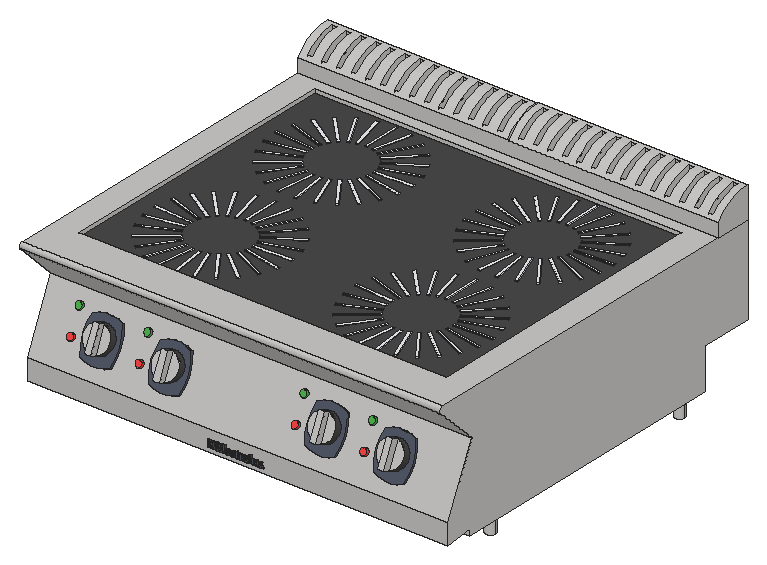
Revit family "QF_ELECTROLUXPROFESSIONAL_371021_E7INEH4000", category Specialty Equipment, Revit 2018 (continued)
Automatic sketch dimensions
  Extrusion 41 sketch curve to Extrusion 41 sketch curve = 0.444 mm
  Extrusion 41 sketch curve to Extrusion 41 sketch curve = 1.11 mm  (x3)
  Extrusion 41 sketch curve to Extrusion 41 sketch curve = 0.215 mm
  Extrusion 41 sketch curve to Extrusion 41 sketch curve = 1.43 mm
  Extrusion 41 sketch curve to Extrusion 41 sketch curve = 1.188 mm
  Extrusion 41 sketch curve to Extrusion 41 sketch curve = 1.21 mm  (x2)
  Extrusion 41 sketch curve to Extrusion 41 sketch curve = 0.503 mm
  Extrusion 41 sketch curve to Extrusion 41 sketch curve = 0.488 mm
  Extrusion 41 sketch curve to Extrusion 41 sketch curve = 0.462 mm
  Extrusion 41 sketch curve to Extrusion 41 sketch curve = 1.386 mm
  Extrusion 41 sketch curve to Extrusion 41 sketch curve = 1.742 mm  (x2)
  Extrusion 41 sketch curve to Extrusion 41 sketch curve = 0.821 mm
  Extrusion 41 sketch curve to Extrusion 41 sketch curve = 0.497 mm
  Extrusion 41 sketch curve to Extrusion 41 sketch curve = 0.539 mm
  Extrusion 41 sketch curve to Extrusion 41 sketch curve = 0.686 mm
  Extrusion 41 sketch curve to Extrusion 41 sketch curve = 0.408 mm
  Extrusion 41 sketch curve to Extrusion 41 sketch curve = 0.743 mm
  Extrusion 41 sketch curve to Extrusion 41 sketch curve = 1.16 mm
  Extrusion 41 sketch curve to Extrusion 41 sketch curve = 0.329 mm
  Extrusion 41 sketch curve to Extrusion 41 sketch curve = 1.054 mm
  Extrusion 41 sketch curve to Extrusion 41 sketch curve = 1.056 mm
  Extrusion 41 sketch curve to Extrusion 41 sketch curve = 0.129 mm
  Extrusion 41 sketch curve to Extrusion 41 sketch curve = 0.489 mm
  Extrusion 41 sketch curve to Extrusion 41 sketch curve = 0.441 mm
  Extrusion 41 sketch curve to Extrusion 41 sketch curve = 1.151 mm
  Extrusion 41 sketch curve to Extrusion 41 sketch curve = 1.141 mm  (x2)
  Extrusion 41 sketch curve to Extrusion 41 sketch curve = 0.768 mm
  Extrusion 41 sketch curve to Extrusion 41 sketch curve = 1.653 mm
  Extrusion 41 sketch curve to Extrusion 41 sketch curve = 0.499 mm
  Extrusion 41 sketch curve to Extrusion 41 sketch curve = 0.964 mm
  Extrusion 41 sketch curve to Extrusion 41 sketch curve = 0.949 mm
  Extrusion 41 sketch curve to Extrusion 41 sketch curve = 1.345 mm  (x2)
  Extrusion 41 sketch curve to Extrusion 41 sketch curve = 1.101 mm
  Extrusion 41 sketch curve to Extrusion 41 sketch curve = 0.432 mm
  Extrusion 41 sketch curve to Extrusion 41 sketch curve = 1.142 mm
  Extrusion 41 sketch curve to Extrusion 41 sketch curve = 0.959 mm
  Extrusion 41 sketch curve to Extrusion 41 sketch curve = 0.176 mm
  Extrusion 41 sketch curve to Extrusion 41 sketch curve = 0.728 mm
  Extrusion 41 sketch curve to Extrusion 41 sketch curve = 3.375 mm  (x2)
  Extrusion 41 sketch curve to Extrusion 41 sketch curve = 0.541 mm
  Extrusion 41 sketch curve to Extrusion 41 sketch curve = 0.955 mm
  Extrusion 41 sketch curve to Extrusion 41 sketch curve = 1.251 mm
  Extrusion 41 sketch curve to Extrusion 41 sketch curve = 0.572 mm
  Extrusion 41 sketch curve to Extrusion 41 sketch curve = 1.92 mm
  Extrusion 41 sketch curve to Extrusion 41 sketch curve = 1.224 mm
  Extrusion 41 sketch curve to Extrusion 41 sketch curve = 0.745 mm
  Extrusion 41 sketch curve to Extrusion 41 sketch curve = 2.537 mm
  Extrusion 41 sketch curve to Extrusion 41 sketch curve = 0.896 mm  (x3)
  Extrusion 41 sketch curve to Extrusion 41 sketch curve = 0.036 mm
  Extrusion 41 sketch curve to Extrusion 41 sketch curve = 2.607 mm
  Extrusion 41 sketch curve to Extrusion 41 sketch curve = 0.066 mm
  Extrusion 41 sketch curve to Extrusion 41 sketch curve = 0.248 mm
  Extrusion 41 sketch curve to Extrusion 41 sketch curve = 0.449 mm
  Extrusion 41 sketch curve to Extrusion 41 sketch curve = 1.052 mm
  Extrusion 41 sketch curve to Extrusion 41 sketch curve = 1.863 mm
  Extrusion 41 sketch curve to Extrusion 41 sketch curve = 1.31 mm  (x2)
  Extrusion 41 sketch curve to Extrusion 41 sketch curve = 0.901 mm
  Extrusion 41 sketch curve to Extrusion 41 sketch curve = 1.107 mm
  Extrusion 41 sketch curve to Extrusion 41 sketch curve = 2.122 mm
  Extrusion 41 sketch curve to Extrusion 41 sketch curve = 2.101 mm
  Extrusion 41 sketch curve to Extrusion 41 sketch curve = 0.106 mm
  Extrusion 41 sketch curve to Extrusion 41 sketch curve = 0.029 mm
  Extrusion 41 sketch curve to Extrusion 41 sketch curve = 2.09 mm
  Extrusion 41 sketch curve to Extrusion 41 sketch curve = 1.279 mm
  Extrusion 41 sketch curve to Extrusion 41 sketch curve = 2.008 mm
  Extrusion 41 sketch curve to Extrusion 41 sketch curve = 0.738 mm
  Extrusion 41 sketch curve to Extrusion 41 sketch curve = 0.382 mm
  Extrusion 41 sketch curve to Extrusion 41 sketch curve = 0.384 mm
  Extrusion 41 sketch curve to Extrusion 41 sketch curve = 0.002 mm
  Extrusion 41 sketch curve to Extrusion 41 sketch curve = 0.561 mm
  Extrusion 41 sketch curve to Extrusion 41 sketch curve = 0.592 mm
  Extrusion 41 sketch curve to Extrusion 41 sketch curve = 2.692 mm
  Extrusion 41 sketch curve to Extrusion 41 sketch curve = 1.259 mm
  Extrusion 41 sketch curve to Extrusion 41 sketch curve = 0.802 mm
  Extrusion 41 sketch curve to Extrusion 41 sketch curve = 1.024 mm  (x2)
  Extrusion 41 sketch curve to Extrusion 41 sketch curve = 0.682 mm
  Extrusion 41 sketch curve to Extrusion 41 sketch curve = 5.934 mm
  Extrusion 41 sketch curve to Extrusion 41 sketch curve = 2.186 mm
  Extrusion 41 sketch curve to Extrusion 41 sketch curve = 0.337 mm
  Extrusion 41 sketch curve to Extrusion 41 sketch curve = 0.021 mm
  Extrusion 41 sketch curve to Extrusion 41 sketch curve = 1.005 mm
  Extrusion 41 sketch curve to Extrusion 41 sketch curve = 0.552 mm
  Extrusion 41 sketch curve to Extrusion 41 sketch curve = 0.778 mm
  Extrusion 41 sketch curve to Extrusion 41 sketch curve = 0.063 mm
  Extrusion 41 sketch curve to Extrusion 41 sketch curve = 1.023 mm
  Extrusion 41 sketch curve to Extrusion 41 sketch curve = 3.804 mm
  Extrusion 41 sketch curve to Extrusion 41 sketch curve = 0.486 mm
  Extrusion 41 sketch curve to Extrusion 41 sketch curve = 0.266 mm  (x2)
  Extrusion 41 sketch curve to Extrusion 41 sketch curve = 1.547 mm
  Extrusion 41 sketch curve to Extrusion 41 sketch curve = 0.717 mm  (x2)
  Extrusion 41 sketch curve to Extrusion 41 sketch curve = 1.667 mm
  Extrusion 41 sketch curve to Extrusion 41 sketch curve = 3.174 mm
  Extrusion 41 sketch curve to Extrusion 41 sketch curve = 0.388 mm
  Extrusion 41 sketch curve to Extrusion 41 sketch curve = 1.342 mm
  Extrusion 41 sketch curve to Extrusion 41 sketch curve = 1.521 mm
  Extrusion 41 sketch curve to Extrusion 41 sketch curve = 0.124 mm
  Extrusion 41 sketch curve to Extrusion 41 sketch curve = 0.291 mm
  plane 7 "Center Y" to Extrusion 41 sketch curve = 3.923 mm
  Extrusion 41 sketch curve to Extrusion 41 sketch curve = 1.049 mm  (x2)
  Extrusion 41 sketch curve to Extrusion 41 sketch curve = 1.7 mm
  Extrusion 41 sketch curve to Extrusion 41 sketch curve = 0.894 mm
  Extrusion 41 sketch curve to Extrusion 41 sketch curve = 0.989 mm
  Extrusion 41 sketch curve to Extrusion 41 sketch curve = 1.168 mm
  Extrusion 41 sketch curve to Extrusion 41 sketch curve = 1.594 mm
  Extrusion 41 sketch curve to Extrusion 41 sketch curve = 0.731 mm
  Extrusion 41 sketch curve to Extrusion 41 sketch curve = 1.566 mm
  Extrusion 41 sketch curve to Extrusion 41 sketch curve = 0.064 mm
  plane 7 "Center Y" to Extrusion 41 sketch curve = 4.479 mm
  Extrusion 41 sketch curve to Extrusion 41 sketch curve = 0.556 mm  (x2)
  Extrusion 41 sketch curve to Extrusion 41 sketch curve = 0.48 mm
  Extrusion 41 sketch curve to Extrusion 41 sketch curve = 1.018 mm
  Extrusion 41 sketch curve to Extrusion 41 sketch curve = 0.787 mm
  Extrusion 41 sketch curve to Extrusion 41 sketch curve = 0.618 mm
  Extrusion 41 sketch curve to Extrusion 41 sketch curve = 1.672 mm
  Extrusion 41 sketch curve to Extrusion 41 sketch curve = 1.361 mm
  Extrusion 41 sketch curve to Extrusion 41 sketch curve = 0.822 mm
  Extrusion 41 sketch curve to Extrusion 41 sketch curve = 0.069 mm
  Extrusion 41 sketch curve to Extrusion 41 sketch curve = 1.88 mm
  Extrusion 41 sketch curve to Extrusion 41 sketch curve = 0.42 mm
  Extrusion 41 sketch curve to Extrusion 41 sketch curve = 0.062 mm
  Extrusion 41 sketch curve to Extrusion 41 sketch curve = 1.355 mm
  Extrusion 41 sketch curve to Extrusion 41 sketch curve = 2.34 mm
  Extrusion 41 sketch curve to Extrusion 41 sketch curve = 0.493 mm
  Extrusion 41 sketch curve to Extrusion 41 sketch curve = 0.136 mm
  Extrusion 41 sketch curve to Extrusion 41 sketch curve = 0.128 mm
  Extrusion 41 sketch curve to Extrusion 41 sketch curve = 3.616 mm
  Extrusion 41 sketch curve to Extrusion 41 sketch curve = 4.207 mm
  Extrusion 41 sketch curve to Extrusion 41 sketch curve = 0.183 mm
  Extrusion 41 sketch curve to Extrusion 41 sketch curve = 0.895 mm
  Extrusion 41 sketch curve to Extrusion 41 sketch curve = 1.314 mm
  Extrusion 41 sketch curve to Extrusion 41 sketch curve = 3.231 mm
  Extrusion 41 sketch curve to Extrusion 41 sketch curve = 1.299 mm
  Extrusion 41 sketch curve to Extrusion 41 sketch curve = 1.214 mm
  Extrusion 41 sketch curve to Extrusion 41 sketch curve = 1.264 mm
  Extrusion 41 sketch curve to Extrusion 41 sketch curve = 0.109 mm
  Extrusion 41 sketch curve to Extrusion 41 sketch curve = 0.357 mm
  Extrusion 41 sketch curve to Extrusion 41 sketch curve = 0.565 mm
  Extrusion 41 sketch curve to Extrusion 41 sketch curve = 2.504 mm
  Extrusion 41 sketch curve to Extrusion 41 sketch curve = 2.459 mm
  Extrusion 41 sketch curve to Extrusion 41 sketch curve = 1.322 mm
  Extrusion 41 sketch curve to Extrusion 41 sketch curve = 2.77 mm
  Extrusion 41 sketch curve to Extrusion 41 sketch curve = 2.51 mm
  Extrusion 41 sketch curve to Extrusion 41 sketch curve = 0.187 mm
  Extrusion 41 sketch curve to Extrusion 41 sketch curve = 2.559 mm
  Extrusion 41 sketch curve to Extrusion 41 sketch curve = 1.556 mm
  Extrusion 41 sketch curve to Extrusion 41 sketch curve = 0.222 mm
  Extrusion 41 sketch curve to Extrusion 41 sketch curve = 1.383 mm
  Extrusion 41 sketch curve to Extrusion 41 sketch curve = 3.114 mm
  Extrusion 41 sketch curve to Extrusion 41 sketch curve = 3.376 mm
  Extrusion 41 sketch curve to Extrusion 41 sketch curve = 0.934 mm
  Extrusion 41 sketch curve to Extrusion 41 sketch curve = 0.191 mm
  Extrusion 41 sketch curve to Extrusion 41 sketch curve = 3.696 mm
  Extrusion 41 sketch curve to Extrusion 41 sketch curve = 2.708 mm
  Extrusion 41 sketch curve to Extrusion 41 sketch curve = 3.333 mm
  Extrusion 41 sketch curve to Extrusion 41 sketch curve = 0.332 mm
  Extrusion 41 sketch curve to Extrusion 41 sketch curve = 1.087 mm
  Extrusion 41 sketch curve to Extrusion 41 sketch curve = 2.23 mm
  Extrusion 41 sketch curve to Extrusion 41 sketch curve = 2.757 mm
  Extrusion 41 sketch curve to Extrusion 41 sketch curve = 0.987 mm
  Extrusion 41 sketch curve to Extrusion 41 sketch curve = 1.529 mm
  Extrusion 41 sketch curve to Extrusion 41 sketch curve = 1.796 mm
  Extrusion 41 sketch curve to Extrusion 41 sketch curve = 2.859 mm
  Extrusion 41 sketch curve to Extrusion 41 sketch curve = 0.853 mm
  Extrusion 41 sketch curve to Extrusion 41 sketch curve = 1.241 mm
  Extrusion 41 sketch curve to Extrusion 41 sketch curve = 2.046 mm  (x2)
  Extrusion 41 sketch curve to Extrusion 41 sketch curve = 2.422 mm
  Extrusion 41 sketch curve to Extrusion 41 sketch curve = 0.27 mm  (x2)
  Extrusion 41 sketch curve to Extrusion 41 sketch curve = 0.69 mm
  Extrusion 41 sketch curve to Extrusion 41 sketch curve = 0.781 mm  (x2)
  Extrusion 41 sketch curve to Extrusion 41 sketch curve = 3.136 mm
  Extrusion 41 sketch curve to Extrusion 41 sketch curve = 1.767 mm
  Extrusion 41 sketch curve to Extrusion 41 sketch curve = 0.138 mm
  Extrusion 41 sketch curve to Extrusion 41 sketch curve = 0.777 mm
  Extrusion 41 sketch curve to Extrusion 41 sketch curve = 1.19 mm
  Extrusion 41 sketch curve to Extrusion 41 sketch curve = 0.782 mm
  Extrusion 41 sketch curve to Extrusion 41 sketch curve = 1.268 mm
  Extrusion 41 sketch curve to Extrusion 41 sketch curve = 0.422 mm  (x2)
  Extrusion 41 sketch curve to Extrusion 41 sketch curve = 1.559 mm
  Extrusion 41 sketch curve to Extrusion 41 sketch curve = 3.927 mm
  Extrusion 41 sketch curve to Extrusion 41 sketch curve = 0.983 mm
  Extrusion 41 sketch curve to Extrusion 41 sketch curve = 1.134 mm
  Extrusion 41 sketch curve to Extrusion 41 sketch curve = 0.094 mm
  plane 7 "Center Y" to Extrusion 41 sketch curve = 1.023 mm
  Extrusion 41 sketch curve to Extrusion 41 sketch curve = 1.501 mm
  Extrusion 41 sketch curve to Extrusion 41 sketch curve = 1.808 mm
  Extrusion 41 sketch curve to Extrusion 41 sketch curve = 0.643 mm
  Extrusion 41 sketch curve to Extrusion 41 sketch curve = 0.916 mm
  Extrusion 41 sketch curve to Extrusion 41 sketch curve = 0.352 mm
  Extrusion 41 sketch curve to Extrusion 41 sketch curve = 0.458 mm
  Extrusion 41 sketch curve to Extrusion 41 sketch curve = 1.282 mm
  Extrusion 41 sketch curve to Extrusion 41 sketch curve = 1.363 mm
  Extrusion 41 sketch curve to Extrusion 41 sketch curve = 0.685 mm
  Extrusion 41 sketch curve to Extrusion 41 sketch curve = 0.905 mm
  Extrusion 41 sketch curve to Extrusion 41 sketch curve = 2.865 mm
  Extrusion 41 sketch curve to Extrusion 41 sketch curve = 0.472 mm
  Extrusion 41 sketch curve to Extrusion 41 sketch curve = 0.101 mm
  Extrusion 41 sketch curve to Extrusion 41 sketch curve = 0.54 mm
  Extrusion 41 sketch curve to Extrusion 41 sketch curve = 0.02 mm
  Extrusion 41 sketch curve to Extrusion 41 sketch curve = 0.468 mm
  Extrusion 41 sketch curve to Extrusion 41 sketch curve = 0.829 mm
  Extrusion 41 sketch curve to Extrusion 41 sketch curve = 0.582 mm
  Extrusion 41 sketch curve to Extrusion 41 sketch curve = 0.166 mm
  Extrusion 41 sketch curve to Extrusion 41 sketch curve = 0.16 mm
  Extrusion 41 sketch curve to Extrusion 41 sketch curve = 2.781 mm
  Extrusion 41 sketch curve to Extrusion 41 sketch curve = 1.118 mm
  Extrusion 41 sketch curve to Extrusion 41 sketch curve = 0.613 mm
  Extrusion 41 sketch curve to Extrusion 41 sketch curve = 0.361 mm
  Extrusion 41 sketch curve to Extrusion 41 sketch curve = 0.897 mm
  Extrusion 41 sketch curve to Extrusion 41 sketch curve = 0.167 mm
  Extrusion 41 sketch curve to Extrusion 41 sketch curve = 0.292 mm
  Extrusion 41 sketch curve to Extrusion 41 sketch curve = 0.305 mm
  Extrusion 41 sketch curve to Extrusion 41 sketch curve = 1.557 mm
  Extrusion 41 sketch curve to Extrusion 41 sketch curve = 2.499 mm
  Extrusion 41 sketch curve to Extrusion 41 sketch curve = 3.062 mm
  Extrusion 41 sketch curve to Extrusion 41 sketch curve = 2.968 mm
  Extrusion 41 sketch curve to Extrusion 41 sketch curve = 5.044 mm
  Extrusion 41 sketch curve to Extrusion 41 sketch curve = 0.629 mm  (x2)
  Extrusion 41 sketch curve to Extrusion 41 sketch curve = 1.131 mm
  Extrusion 41 sketch curve to Extrusion 41 sketch curve = 0.137 mm
  Extrusion 41 sketch curve to Extrusion 41 sketch curve = 0.027 mm
  Extrusion 41 sketch curve to Extrusion 41 sketch curve = 2.235 mm
  Extrusion 42 sketch curve to Extrusion 1 = 31.333 mm  (x2)
  Extrusion 42 sketch curve to Extrusion 42 sketch curve = 12.3 mm  (x3)
  Extrusion 42 sketch curve to Extrusion 42 sketch curve = 34.925 mm  (x2)
  Extrusion 1 to Extrusion 42 sketch curve = 44.467 mm
  Extrusion 1 to Extrusion 42 sketch curve = 305.752 mm
  Extrusion 42 sketch curve to Extrusion 42 sketch curve = 25.727 mm
  Extrusion 42 sketch curve to Extrusion 42 sketch curve = 25.771 mm
  Extrusion 42 sketch curve to Extrusion 42 sketch curve = 28.531 mm
  Extrusion 44 sketch curve to Extrusion 44 sketch curve = 24.732 mm
  Extrusion 44 sketch curve to Extrusion 44 sketch curve = 0 mm
  Extrusion 1 to Extrusion 45 sketch curve = 29.678 mm
  Extrusion 1 to Extrusion 45 sketch curve = 196.283 mm
  Extrusion 46 sketch curve to Extrusion 1 = 54.522 mm
  Extrusion 1 to Extrusion 46 sketch curve = 196.283 mm
  Extrusion 47 sketch curve to Extrusion 1 = 31.333 mm  (x2)
  Extrusion 47 sketch curve to Extrusion 47 sketch curve = 12.3 mm  (x3)
  Extrusion 47 sketch curve to Extrusion 47 sketch curve = 34.925 mm  (x2)
  Extrusion 1 to Extrusion 47 sketch curve = 44.467 mm
  Extrusion 1 to Extrusion 47 sketch curve = 66.558 mm
  Extrusion 47 sketch curve to Extrusion 47 sketch curve = 25.683 mm
  Extrusion 47 sketch curve to Extrusion 47 sketch curve = 25.727 mm
  Extrusion 47 sketch curve to Extrusion 47 sketch curve = 28.575 mm
  Extrusion 49 sketch curve to Extrusion 49 sketch curve = 24.732 mm
  Extrusion 49 sketch curve to Extrusion 49 sketch curve = 0 mm
  Extrusion 50 sketch curve to Extrusion 1 = 31.333 mm  (x2)
  Extrusion 50 sketch curve to Extrusion 50 sketch curve = 12.3 mm  (x3)
  Extrusion 50 sketch curve to Extrusion 50 sketch curve = 34.925 mm  (x2)
  Extrusion 1 to Extrusion 50 sketch curve = 44.467 mm
  Extrusion 1 to Extrusion 50 sketch curve = 197.193 mm
  Extrusion 50 sketch curve to Extrusion 50 sketch curve = 25.683 mm
  Extrusion 50 sketch curve to Extrusion 50 sketch curve = 25.727 mm
  Extrusion 50 sketch curve to Extrusion 50 sketch curve = 28.575 mm
  Extrusion 52 sketch curve to Extrusion 52 sketch curve = 24.732 mm
  Extrusion 52 sketch curve to Extrusion 52 sketch curve = 0 mm
  Extrusion 1 to Extrusion 53 sketch curve = 29.678 mm
  Extrusion 1 to Extrusion 53 sketch curve = 306.618 mm
  Extrusion 54 sketch curve to Extrusion 1 = 54.522 mm
  Extrusion 1 to Extrusion 54 sketch curve = 306.618 mm
  Extrusion 1 to Extrusion 55 sketch curve = 29.678 mm
  Extrusion 1 to Extrusion 55 sketch curve = 175.983 mm
  Extrusion 56 sketch curve to Extrusion 1 = 54.522 mm
  Extrusion 1 to Extrusion 56 sketch curve = 175.983 mm
  plane 7 "Center Y" to curve 133 = 1.729 mm
  curve 9 to plane 7 "Center Y" = 1.454 mm
  curve 9 to curve 7 = 0 mm
  radius of Extrusion 3 sketch curve = 9.525 mm  (x4)
  radius of Extrusion 5 sketch curve = 25.4 mm
  radius of Extrusion 6 sketch curve to Extrusion 5 = 0 mm  (x2)
  radius of Extrusion 7 sketch curve = 6.35 mm
  radius of Extrusion 8 sketch curve = 6.4 mm
  radius of Extrusion 9 sketch curve = 12.7 mm
  radius of Extrusion 43 sketch curve = 25.4 mm
  radius of Extrusion 44 sketch curve to Extrusion 43 = 0 mm  (x2)
  radius of Extrusion 45 sketch curve = 6.35 mm
  radius of Extrusion 46 sketch curve = 6.4 mm
  radius of Extrusion 48 sketch curve = 25.4 mm
  radius of Extrusion 49 sketch curve to Extrusion 48 = 0 mm  (x2)
  radius of Extrusion 51 sketch curve = 25.4 mm
  radius of Extrusion 52 sketch curve to Extrusion 51 = 0 mm  (x2)
  radius of Extrusion 53 sketch curve = 6.35 mm
  radius of Extrusion 54 sketch curve = 6.4 mm
  radius of Extrusion 55 sketch curve = 6.35 mm
  radius of Extrusion 56 sketch curve = 6.4 mm
Nested families
  nested 1: "INDUCTION BURNER" at (79.771, -98.911, 266.887), type "INDUCTION BURNER"
    with Type Mark "", Status "", Specification by User "", Revision Code "", Item Number "", Installed By "", Identify Quantity as Lot yes, Furnished By "", Foodservice Equipment Identifier yes
  nested 2: "INDUCTION BURNER" at (461.843, -98.911, 266.887), type "INDUCTION BURNER"
    with Type Mark "", Status "", Specification by User "", Revision Code "", Item Number "", Installed By "", Identify Quantity as Lot yes, Furnished By "", Foodservice Equipment Identifier yes
  nested 3: "INDUCTION BURNER" at (461.843, -386.411, 266.887), type "INDUCTION BURNER"
    with Type Mark "", Status "", Specification by User "", Revision Code "", Item Number "", Installed By "", Identify Quantity as Lot yes, Furnished By "", Foodservice Equipment Identifier yes
  nested 4: "INDUCTION BURNER" at (79.771, -386.411, 266.887), type "INDUCTION BURNER"
    with Type Mark "", Status "", Specification by User "", Revision Code "", Item Number "", Installed By "", Identify Quantity as Lot yes, Furnished By "", Foodservice Equipment Identifier yes
Connectors
  electrical at (736.5, -88.9, 57.906), driven by "Volts", driven by "Watts"
    settings: on Extrusion 9, index 1, voltage 400 V, apparent load 14000 VA, apparent load phase1 0 VA, apparent load phase2 0 VA, apparent load phase3 0 VA, power factor 1, load classification "Other", number of poles 1, system type 30, power factor state 1, is connector primary yes, connector utility no, sub classification motor no, connector description "Electrical Connection"
Definition of nested family "INDUCTION BURNER"
  Parameters
    Weight in Pounds = 0
    URL Cutsheet = ""
    Type Mark [instance] = ""
    Status [instance] = ""
    Specification by User [instance] = ""
    Specification by Manufacturer = ""
    Serial Number = ""
    Seismic Rating = ""
    SMACNA No = ""
    Revision Code [instance] = ""
    Omniclass Number and Title = ""
    NAFEM Spec ID Number = ""
    Masterspec = ""
    Item Number [instance] = ""
    Installed By [instance] = ""
    Identify Quantity as Lot [instance] = yes
    Furnished By [instance] = ""
    Foodservice Equipment Identifier [instance] = yes
    CSI MasterFormat = ""
    CSI Master Format = ""
    Assembly Code = ""
  Reference planes
    plane 1 "BACK": y = 0
    plane 2: z = 0
    plane 3 "LEFT": x = 0
    plane 4 "RIGHT": x = 263
    plane 5 "FRONT": y = -263
    plane 6 "TOP": z = 0.794
    plane 7 "Center Y": x = 131.5
    plane 8 "Center X": y = -131.5
  Forms (mm)
    Extrusion 1, solid
      sketch origin (0, 0, 0) x (1, 0, 0) y (0, 1, 0)
        loop
          line (134, -73.314) -> (134, 0) -> (129, 0) -> (129, -73.314) -> (134, -73.314)
        loop
          line (119.451, -74.521) -> (101.219, -3.51) -> (96.376, -4.753) -> (114.608, -75.764) -> (119.451, -74.521)
        loop
          line (105.66, -79.307) -> (70.34, -15.061) -> (65.959, -17.47) -> (101.278, -81.716) -> (105.66, -79.307)
        loop
          line (93.492, -87.373) -> (43.304, -33.929) -> (39.66, -37.352) -> (89.847, -90.796) -> (93.492, -87.373)
        loop
          line (83.712, -98.212) -> (21.81, -58.928) -> (19.131, -63.15) -> (81.033, -102.433) -> (83.712, -98.212)
        loop
          line (5.664, -93.242) -> (75.39, -115.897) -> (76.935, -111.142) -> (7.209, -88.487) -> (5.664, -93.242)
        loop
          line (73.586, -125.351) -> (0.416, -120.748) -> (0.103, -125.738) -> (73.272, -130.342) -> (73.586, -125.351)
        loop
          line (73.876, -139.947) -> (1.861, -153.685) -> (2.798, -158.596) -> (74.813, -144.859) -> (73.876, -139.947)
        loop
          line (77.788, -154.012) -> (11.451, -185.228) -> (13.58, -189.752) -> (79.916, -158.536) -> (77.788, -154.012)
        loop
          line (85.074, -166.663) -> (28.584, -213.395) -> (31.771, -217.248) -> (88.261, -170.515) -> (85.074, -166.663)
        loop
          line (95.277, -177.104) -> (52.184, -236.416) -> (56.229, -239.355) -> (99.322, -180.043) -> (95.277, -177.104)
        loop
          line (107.756, -184.679) -> (80.767, -252.845) -> (85.416, -254.686) -> (112.405, -186.52) -> (107.756, -184.679)
        loop
          line (121.727, -188.914) -> (112.538, -261.65) -> (117.499, -262.276) -> (126.688, -189.54) -> (121.727, -188.914)
        loop
          line (143.549, -74.521) -> (148.392, -75.764) -> (166.624, -4.753) -> (161.781, -3.51) -> (143.549, -74.521)
        loop
          line (157.34, -79.307) -> (161.722, -81.716) -> (197.041, -17.47) -> (192.66, -15.061) -> (157.34, -79.307)
        loop
          line (169.508, -87.373) -> (173.153, -90.796) -> (223.34, -37.352) -> (219.696, -33.929) -> (169.508, -87.373)
        loop
          line (179.288, -98.212) -> (181.967, -102.433) -> (243.869, -63.15) -> (241.19, -58.928) -> (179.288, -98.212)
        loop
          line (257.336, -93.242) -> (255.791, -88.487) -> (186.065, -111.142) -> (187.61, -115.897) -> (257.336, -93.242)
        loop
          line (189.414, -125.351) -> (189.728, -130.342) -> (262.897, -125.738) -> (262.584, -120.748) -> (189.414, -125.351)
        loop
          line (189.124, -139.947) -> (188.187, -144.859) -> (260.202, -158.596) -> (261.139, -153.685) -> (189.124, -139.947)
        loop
          line (185.212, -154.012) -> (183.084, -158.536) -> (249.42, -189.752) -> (251.549, -185.228) -> (185.212, -154.012)
        loop
          line (177.926, -166.663) -> (174.739, -170.515) -> (231.229, -217.248) -> (234.416, -213.395) -> (177.926, -166.663)
        loop
          line (167.723, -177.104) -> (163.678, -180.043) -> (206.771, -239.355) -> (210.816, -236.416) -> (167.723, -177.104)
        loop
          line (155.244, -184.679) -> (150.595, -186.52) -> (177.584, -254.686) -> (182.233, -252.845) -> (155.244, -184.679)
        loop
          line (141.273, -188.914) -> (136.312, -189.54) -> (145.501, -262.276) -> (150.462, -261.65) -> (141.273, -188.914)
      from 0 to 0.8
  Lines and regions (mm)
    symbolic lines
      curve 1: line (134, -73.314, 0) -> (134, 0, 0)
      curve 2: line (134, 0, 0) -> (129, 0, 0)
      curve 3: line (129, 0, 0) -> (129, -73.314, 0)
      curve 4: line (129, -73.314, 0) -> (134, -73.314, 0)
      curve 5: line (148.392, -75.764, 0) -> (166.624, -4.753, 0)
      curve 6: line (166.624, -4.753, 0) -> (161.781, -3.51, 0)
      curve 7: line (161.781, -3.51, 0) -> (143.549, -74.521, 0)
      curve 8: line (143.549, -74.521, 0) -> (148.392, -75.764, 0)
      curve 9: line (119.451, -74.521, 0) -> (101.219, -3.51, 0)
      curve 10: line (101.219, -3.51, 0) -> (96.376, -4.753, 0)
      curve 11: line (96.376, -4.753, 0) -> (114.608, -75.764, 0)
      curve 12: line (114.608, -75.764, 0) -> (119.451, -74.521, 0)
      curve 13: line (105.66, -79.307, 0) -> (70.34, -15.061, 0)
      curve 14: line (70.34, -15.061, 0) -> (65.959, -17.47, 0)
      curve 15: line (65.959, -17.47, 0) -> (101.278, -81.716, 0)
      curve 16: line (101.278, -81.716, 0) -> (105.66, -79.307, 0)
      curve 17: line (93.492, -87.373, 0) -> (43.304, -33.929, 0)
      curve 18: line (43.304, -33.929, 0) -> (39.66, -37.352, 0)
      curve 19: line (39.66, -37.352, 0) -> (89.847, -90.796, 0)
      curve 20: line (89.847, -90.796, 0) -> (93.492, -87.373, 0)
      curve 21: line (83.712, -98.212, 0) -> (21.81, -58.928, 0)
      curve 22: line (21.81, -58.928, 0) -> (19.131, -63.15, 0)
      curve 23: line (19.131, -63.15, 0) -> (81.033, -102.433, 0)
      curve 24: line (81.033, -102.433, 0) -> (83.712, -98.212, 0)
      curve 25: line (76.935, -111.142, 0) -> (7.209, -88.487, 0)
      curve 26: line (7.209, -88.487, 0) -> (5.664, -93.242, 0)
      curve 27: line (5.664, -93.242, 0) -> (75.39, -115.897, 0)
      curve 28: line (75.39, -115.897, 0) -> (76.935, -111.142, 0)
      curve 29: line (73.586, -125.351, 0) -> (0.416, -120.748, 0)
      curve 30: line (0.416, -120.748, 0) -> (0.103, -125.738, 0)
      curve 31: line (0.103, -125.738, 0) -> (73.272, -130.342, 0)
      curve 32: line (73.272, -130.342, 0) -> (73.586, -125.351, 0)
      curve 33: line (73.876, -139.947, 0) -> (1.861, -153.685, 0)
      curve 34: line (1.861, -153.685, 0) -> (2.798, -158.596, 0)
      curve 35: line (2.798, -158.596, 0) -> (74.813, -144.859, 0)
      curve 36: line (74.813, -144.859, 0) -> (73.876, -139.947, 0)
      curve 37: line (77.788, -154.012, 0) -> (11.451, -185.228, 0)
      curve 38: line (11.451, -185.228, 0) -> (13.58, -189.752, 0)
      curve 39: line (13.58, -189.752, 0) -> (79.916, -158.536, 0)
      curve 40: line (79.916, -158.536, 0) -> (77.788, -154.012, 0)
      curve 41: line (85.074, -166.663, 0) -> (28.584, -213.395, 0)
      curve 42: line (28.584, -213.395, 0) -> (31.771, -217.248, 0)
      curve 43: line (31.771, -217.248, 0) -> (88.261, -170.515, 0)
      curve 44: line (88.261, -170.515, 0) -> (85.074, -166.663, 0)
      curve 45: line (95.277, -177.104, 0) -> (52.184, -236.416, 0)
      curve 46: line (52.184, -236.416, 0) -> (56.229, -239.355, 0)
      curve 47: line (56.229, -239.355, 0) -> (99.322, -180.043, 0)
      curve 48: line (99.322, -180.043, 0) -> (95.277, -177.104, 0)
      curve 49: line (107.756, -184.679, 0) -> (80.767, -252.845, 0)
      curve 50: line (80.767, -252.845, 0) -> (85.416, -254.686, 0)
      curve 51: line (85.416, -254.686, 0) -> (112.405, -186.52, 0)
      curve 52: line (112.405, -186.52, 0) -> (107.756, -184.679, 0)
      curve 53: line (121.727, -188.914, 0) -> (112.538, -261.65, 0)
      curve 54: line (112.538, -261.65, 0) -> (117.499, -262.276, 0)
      curve 55: line (117.499, -262.276, 0) -> (126.688, -189.54, 0)
      curve 56: line (126.688, -189.54, 0) -> (121.727, -188.914, 0)
      curve 57: line (136.312, -189.54, 0) -> (145.501, -262.276, 0)
      curve 58: line (145.501, -262.276, 0) -> (150.462, -261.65, 0)
      curve 59: line (150.462, -261.65, 0) -> (141.273, -188.914, 0)
      curve 60: line (141.273, -188.914, 0) -> (136.312, -189.54, 0)
      curve 61: line (150.595, -186.52, 0) -> (177.584, -254.686, 0)
      curve 62: line (177.584, -254.686, 0) -> (182.233, -252.845, 0)
      curve 63: line (182.233, -252.845, 0) -> (155.244, -184.679, 0)
      curve 64: line (155.244, -184.679, 0) -> (150.595, -186.52, 0)
      curve 65: line (163.678, -180.043, 0) -> (206.771, -239.355, 0)
      curve 66: line (206.771, -239.355, 0) -> (210.816, -236.416, 0)
      curve 67: line (210.816, -236.416, 0) -> (167.723, -177.104, 0)
      curve 68: line (167.723, -177.104, 0) -> (163.678, -180.043, 0)
      curve 69: line (174.739, -170.515, 0) -> (231.229, -217.248, 0)
      curve 70: line (231.229, -217.248, 0) -> (234.416, -213.395, 0)
      curve 71: line (234.416, -213.395, 0) -> (177.926, -166.663, 0)
      curve 72: line (177.926, -166.663, 0) -> (174.739, -170.515, 0)
      curve 73: line (183.084, -158.536, 0) -> (249.42, -189.752, 0)
      curve 74: line (249.42, -189.752, 0) -> (251.549, -185.228, 0)
      curve 75: line (251.549, -185.228, 0) -> (185.212, -154.012, 0)
      curve 76: line (185.212, -154.012, 0) -> (183.084, -158.536, 0)
      curve 77: line (188.187, -144.859, 0) -> (260.202, -158.596, 0)
      curve 78: line (260.202, -158.596, 0) -> (261.139, -153.685, 0)
      curve 79: line (261.139, -153.685, 0) -> (189.124, -139.947, 0)
      curve 80: line (189.124, -139.947, 0) -> (188.187, -144.859, 0)
      curve 81: line (189.728, -130.342, 0) -> (262.897, -125.738, 0)
      curve 82: line (262.897, -125.738, 0) -> (262.584, -120.748, 0)
      curve 83: line (262.584, -120.748, 0) -> (189.414, -125.351, 0)
      curve 84: line (189.414, -125.351, 0) -> (189.728, -130.342, 0)
      curve 85: line (187.61, -115.897, 0) -> (257.336, -93.242, 0)
      curve 86: line (257.336, -93.242, 0) -> (255.791, -88.487, 0)
      curve 87: line (255.791, -88.487, 0) -> (186.065, -111.142, 0)
      curve 88: line (186.065, -111.142, 0) -> (187.61, -115.897, 0)
      curve 89: line (181.967, -102.433, 0) -> (243.869, -63.15, 0)
      curve 90: line (243.869, -63.15, 0) -> (241.19, -58.928, 0)
      curve 91: line (241.19, -58.928, 0) -> (179.288, -98.212, 0)
      curve 92: line (179.288, -98.212, 0) -> (181.967, -102.433, 0)
      curve 93: line (173.153, -90.796, 0) -> (223.34, -37.352, 0)
      curve 94: line (223.34, -37.352, 0) -> (219.696, -33.929, 0)
      curve 95: line (219.696, -33.929, 0) -> (169.508, -87.373, 0)
      curve 96: line (169.508, -87.373, 0) -> (173.153, -90.796, 0)
      curve 97: line (161.722, -81.716, 0) -> (197.041, -17.47, 0)
      curve 98: line (197.041, -17.47, 0) -> (192.66, -15.061, 0)
      curve 99: line (192.66, -15.061, 0) -> (157.34, -79.307, 0)
      curve 100: line (157.34, -79.307, 0) -> (161.722, -81.716, 0)
  Dimensions and locks
    equal spacing: plane 3 "LEFT", plane 7 "Center Y", plane 4 "RIGHT"
    plane 3 "LEFT" to plane 4 "RIGHT" = 263 mm
    equal spacing: plane 5 "FRONT", plane 8 "Center X", plane 1 "BACK"
    plane 5 "FRONT" to plane 1 "BACK" = 263 mm
    plane 6 "TOP" to level = 0.794 mm
    aligned and locked: level to plane 2
  Automatic sketch dimensions
    plane 1 "BACK" to curve 1 = 0 mm
    plane 3 "LEFT" to curve 31 = 0.103 mm
    plane 3 "LEFT" to curve 33 = 1.861 mm
    plane 3 "LEFT" to curve 26 = 5.664 mm
    plane 3 "LEFT" to curve 38 = 11.451 mm
    curve 37 to curve 39 = 2.129 mm
    plane 3 "LEFT" to curve 22 = 19.131 mm
    curve 38 to curve 42 = 15.004 mm
    curve 21 to curve 18 = 17.849 mm
    plane 1 "BACK" to curve 14 = 15.061 mm
    curve 14 to curve 14 = 4.382 mm
    plane 8 "Center X" to curve 32 = 1.158 mm
    curve 32 to curve 29 = 0.314 mm
    curve 31 to curve 36 = 0.604 mm
    curve 33 to plane 8 "Center X" = 8.447 mm
    curve 33 to curve 35 = 0.937 mm
    curve 29 to curve 28 = 1.803 mm
    plane 8 "Center X" to curve 27 = 15.603 mm
    curve 27 to curve 25 = 1.545 mm
    curve 36 to curve 40 = 2.974 mm
    curve 37 to plane 8 "Center X" = 22.512 mm
    curve 25 to curve 23 = 4.098 mm
    curve 23 to curve 21 = 2.679 mm
    curve 39 to curve 41 = 5.157 mm
    curve 49 to curve 51 = 4.649 mm
    curve 50 to plane 5 "FRONT" = 8.314 mm
    curve 41 to curve 44 = 3.187 mm
    curve 21 to curve 19 = 6.135 mm
    curve 19 to curve 17 = 3.645 mm
    curve 43 to curve 45 = 7.016 mm
    curve 45 to curve 47 = 4.045 mm
    curve 10 to curve 9 = 4.843 mm
    plane 1 "BACK" to curve 10 = 3.51 mm
    curve 17 to curve 16 = 7.786 mm
    curve 47 to curve 49 = 8.434 mm
    curve 13 to curve 11 = 8.949 mm
    curve 54 to plane 5 "FRONT" = 0.724 mm
    curve 53 to curve 54 = 4.961 mm
    curve 56 to plane 7 "Center Y" = 4.812 mm
    curve 2 to plane 7 "Center Y" = 2.5 mm
    plane 7 "Center Y" to curve 1 = 2.5 mm
    plane 7 "Center Y" to curve 57 = 4.812 mm
    plane 7 "Center Y" to curve 58 = 14.001 mm
    curve 57 to plane 5 "FRONT" = 0.724 mm
    curve 58 to curve 58 = 4.961 mm
    curve 59 to curve 64 = 9.322 mm
    curve 61 to curve 64 = 4.649 mm
    curve 5 to curve 100 = 8.949 mm
    plane 1 "BACK" to curve 6 = 3.51 mm
    curve 63 to curve 65 = 8.434 mm
    curve 6 to curve 6 = 4.843 mm
    curve 65 to curve 67 = 4.045 mm
    curve 97 to curve 96 = 7.786 mm
    curve 95 to curve 96 = 3.645 mm
    curve 67 to curve 72 = 7.016 mm
    curve 62 to plane 5 "FRONT" = 8.314 mm
    curve 69 to curve 71 = 3.187 mm
    curve 93 to curve 92 = 6.135 mm
    curve 71 to curve 76 = 5.157 mm
    curve 73 to curve 76 = 2.129 mm
    curve 75 to plane 8 "Center X" = 22.512 mm
    curve 89 to curve 88 = 4.098 mm
    plane 8 "Center X" to curve 88 = 15.603 mm
    curve 75 to curve 77 = 2.974 mm
    curve 79 to plane 8 "Center X" = 8.447 mm
    curve 77 to curve 79 = 0.937 mm
    curve 85 to curve 84 = 1.803 mm
    plane 8 "Center X" to curve 84 = 1.158 mm
    curve 83 to curve 84 = 0.314 mm
    plane 1 "BACK" to curve 98 = 15.061 mm
    curve 98 to curve 98 = 4.382 mm
    curve 66 to curve 70 = 20.413 mm
    curve 91 to plane 4 "RIGHT" = 21.81 mm
    curve 90 to curve 90 = 2.679 mm
    curve 74 to plane 4 "RIGHT" = 13.58 mm
    curve 86 to plane 4 "RIGHT" = 7.209 mm
    curve 86 to curve 86 = 1.545 mm
    curve 79 to plane 4 "RIGHT" = 1.861 mm
    curve 82 to plane 4 "RIGHT" = 0.103 mm
    curve 46 to curve 46 = 2.939 mm
    curve 45 to curve 42 = 19.169 mm
    curve 66 to curve 70 = 19.169 mm
    curve 69 to curve 71 = 3.853 mm
    curve 56 to curve 60 = 0 mm
    curve 55 to curve 53 = 0.627 mm
    curve 57 to curve 59 = 0.627 mm
    curve 53 to curve 52 = 2.394 mm
    curve 59 to curve 61 = 2.394 mm
    curve 73 to curve 75 = 4.524 mm
    curve 51 to curve 49 = 1.841 mm
    curve 61 to curve 63 = 1.841 mm
    curve 49 to curve 48 = 4.637 mm
    curve 63 to curve 65 = 4.637 mm
    curve 65 to curve 67 = 2.939 mm
    curve 67 to curve 72 = 6.589 mm
    curve 45 to curve 44 = 6.589 mm
    curve 43 to curve 44 = 3.853 mm
    curve 39 to curve 37 = 4.524 mm
    curve 77 to curve 78 = 4.911 mm
    curve 34 to curve 33 = 4.911 mm
    plane 8 "Center X" to curve 31 = 5.762 mm
    plane 8 "Center X" to curve 81 = 5.762 mm
    curve 30 to curve 30 = 4.99 mm
    curve 81 to curve 83 = 4.99 mm
    curve 87 to curve 89 = 8.709 mm
    curve 25 to curve 23 = 8.709 mm
    curve 23 to curve 21 = 4.222 mm
    curve 91 to curve 96 = 7.416 mm
    curve 21 to curve 20 = 7.416 mm
    curve 26 to curve 26 = 4.755 mm
    curve 86 to curve 86 = 4.755 mm
    curve 19 to curve 20 = 3.423 mm
    curve 93 to curve 95 = 3.423 mm
    curve 17 to curve 16 = 5.657 mm
    curve 95 to curve 97 = 5.657 mm
    curve 16 to curve 13 = 2.409 mm
    curve 97 to curve 100 = 2.409 mm
    curve 99 to curve 8 = 3.543 mm
    curve 13 to curve 11 = 3.543 mm
    curve 5 to curve 8 = 1.243 mm
    curve 11 to curve 12 = 1.243 mm
    curve 9 to curve 3 = 1.206 mm
    curve 90 to curve 91 = 4.222 mm
    curve 91 to curve 94 = 21.576 mm
    plane 1 "BACK" to Extrusion 1 sketch curve = 0 mm
    plane 3 "LEFT" to Extrusion 1 sketch curve = 0.103 mm
    plane 3 "LEFT" to Extrusion 1 sketch curve = 0.416 mm
    plane 3 "LEFT" to Extrusion 1 sketch curve = 1.861 mm
    plane 3 "LEFT" to Extrusion 1 sketch curve = 2.798 mm
    plane 3 "LEFT" to Extrusion 1 sketch curve = 5.664 mm
    Extrusion 1 sketch curve to Extrusion 1 sketch curve = 1.545 mm  (x2)
    plane 3 "LEFT" to Extrusion 1 sketch curve = 11.451 mm
    Extrusion 1 sketch curve to Extrusion 1 sketch curve = 2.129 mm  (x2)
    plane 3 "LEFT" to Extrusion 1 sketch curve = 19.131 mm
    Extrusion 1 sketch curve to Extrusion 1 sketch curve = 2.679 mm  (x2)
    Extrusion 1 sketch curve to Extrusion 1 sketch curve = 15.004 mm
    Extrusion 1 sketch curve to Extrusion 1 sketch curve = 3.187 mm  (x2)
    Extrusion 1 sketch curve to Extrusion 1 sketch curve = 17.849 mm
    plane 1 "BACK" to Extrusion 1 sketch curve = 33.929 mm
    Extrusion 1 sketch curve to Extrusion 1 sketch curve = 3.645 mm  (x2)
    Extrusion 1 sketch curve to Extrusion 1 sketch curve = 20.413 mm  (x2)
    Extrusion 1 sketch curve to plane 5 "FRONT" = 23.645 mm  (x2)
    Extrusion 1 sketch curve to Extrusion 1 sketch curve = 4.045 mm  (x2)
    Extrusion 1 sketch curve to Extrusion 1 sketch curve = 22.654 mm  (x2)
    plane 1 "BACK" to Extrusion 1 sketch curve = 15.061 mm  (x2)
    Extrusion 1 sketch curve to Extrusion 1 sketch curve = 4.382 mm  (x2)
    plane 8 "Center X" to Extrusion 1 sketch curve = 1.158 mm  (x2)
    Extrusion 1 sketch curve to plane 7 "Center Y" = 58.228 mm
    Extrusion 1 sketch curve to plane 8 "Center X" = 8.447 mm  (x2)
    Extrusion 1 sketch curve to Extrusion 1 sketch curve = 0.604 mm
    plane 8 "Center X" to Extrusion 1 sketch curve = 15.603 mm  (x2)
    Extrusion 1 sketch curve to Extrusion 1 sketch curve = 1.803 mm  (x2)
    Extrusion 1 sketch curve to plane 8 "Center X" = 22.512 mm  (x2)
    Extrusion 1 sketch curve to Extrusion 1 sketch curve = 2.974 mm  (x2)
    Extrusion 1 sketch curve to plane 5 "FRONT" = 10.155 mm
    Extrusion 1 sketch curve to Extrusion 1 sketch curve = 24.538 mm  (x2)
    Extrusion 1 sketch curve to Extrusion 1 sketch curve = 4.098 mm  (x2)
    Extrusion 1 sketch curve to Extrusion 1 sketch curve = 5.157 mm  (x2)
    Extrusion 1 sketch curve to plane 5 "FRONT" = 8.314 mm  (x2)
    Extrusion 1 sketch curve to Extrusion 1 sketch curve = 4.649 mm  (x2)
    Extrusion 1 sketch curve to Extrusion 1 sketch curve = 6.135 mm  (x2)
    Extrusion 1 sketch curve to Extrusion 1 sketch curve = 7.016 mm  (x2)
    plane 1 "BACK" to Extrusion 1 sketch curve = 4.753 mm
    Extrusion 1 sketch curve to Extrusion 1 sketch curve = 26.036 mm  (x2)
    plane 1 "BACK" to Extrusion 1 sketch curve = 3.51 mm  (x2)
    Extrusion 1 sketch curve to Extrusion 1 sketch curve = 4.843 mm  (x2)
    Extrusion 1 sketch curve to Extrusion 1 sketch curve = 7.786 mm  (x2)
    Extrusion 1 sketch curve to Extrusion 1 sketch curve = 8.434 mm  (x2)
    Extrusion 1 sketch curve to plane 5 "FRONT" = 1.35 mm
    Extrusion 1 sketch curve to plane 7 "Center Y" = 18.962 mm
    Extrusion 1 sketch curve to Extrusion 1 sketch curve = 8.949 mm  (x2)
    Extrusion 1 sketch curve to plane 5 "FRONT" = 0.724 mm  (x2)
    Extrusion 1 sketch curve to Extrusion 1 sketch curve = 4.961 mm  (x2)
    Extrusion 1 sketch curve to Extrusion 1 sketch curve = 9.322 mm  (x2)
    Extrusion 1 sketch curve to plane 7 "Center Y" = 2.5 mm
    plane 7 "Center Y" to Extrusion 1 sketch curve = 2.5 mm
    plane 7 "Center Y" to Extrusion 1 sketch curve = 4.812 mm
    Extrusion 1 sketch curve to Extrusion 1 sketch curve = 9.549 mm
    plane 7 "Center Y" to Extrusion 1 sketch curve = 14.001 mm
    Extrusion 1 sketch curve to Extrusion 1 sketch curve = 27.781 mm
    Extrusion 1 sketch curve to Extrusion 1 sketch curve = 27.122 mm
    plane 8 "Center X" to Extrusion 1 sketch curve = 29.067 mm
    plane 8 "Center X" to Extrusion 1 sketch curve = 20.358 mm
    Extrusion 1 sketch curve to plane 8 "Center X" = 13.359 mm
    Extrusion 1 sketch curve to Extrusion 1 sketch curve = 0.937 mm
    plane 8 "Center X" to Extrusion 1 sketch curve = 6.149 mm
    Extrusion 1 sketch curve to Extrusion 1 sketch curve = 0.314 mm
    Extrusion 1 sketch curve to plane 4 "RIGHT" = 21.81 mm
    Extrusion 1 sketch curve to plane 4 "RIGHT" = 13.58 mm
    Extrusion 1 sketch curve to plane 4 "RIGHT" = 7.209 mm
    Extrusion 1 sketch curve to plane 4 "RIGHT" = 2.798 mm
    Extrusion 1 sketch curve to plane 4 "RIGHT" = 0.416 mm
    Extrusion 1 sketch curve to Extrusion 1 sketch curve = 0.627 mm
    Extrusion 1 sketch curve to Extrusion 1 sketch curve = 1.841 mm
    Extrusion 1 sketch curve to Extrusion 1 sketch curve = 2.939 mm  (x2)
    Extrusion 1 sketch curve to Extrusion 1 sketch curve = 19.169 mm  (x2)
    Extrusion 1 sketch curve to Extrusion 1 sketch curve = 3.853 mm  (x2)
    Extrusion 1 sketch curve to Extrusion 1 sketch curve = 23.643 mm  (x2)
    Extrusion 1 sketch curve to plane 8 "Center X" = 27.096 mm
    plane 8 "Center X" to Extrusion 1 sketch curve = 5.762 mm
    Extrusion 1 sketch curve to Extrusion 1 sketch curve = 4.755 mm
    Extrusion 1 sketch curve to Extrusion 1 sketch curve = 8.709 mm
    Extrusion 1 sketch curve to Extrusion 1 sketch curve = 4.222 mm  (x2)
    Extrusion 1 sketch curve to Extrusion 1 sketch curve = 7.416 mm  (x2)
    Extrusion 1 sketch curve to Extrusion 1 sketch curve = 3.423 mm
    Extrusion 1 sketch curve to Extrusion 1 sketch curve = 5.657 mm  (x2)
    Extrusion 1 sketch curve to Extrusion 1 sketch curve = 3.543 mm
    Extrusion 1 sketch curve to Extrusion 1 sketch curve = 1.206 mm
